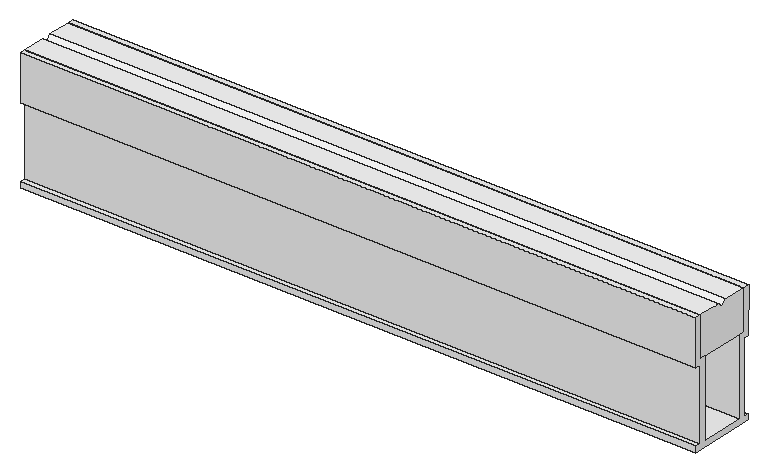
Revit family "4070742+4070745 Feilo Sylvania Lighting Fixture CURSUS 306MM 218LM OVAL LED 4K with FRAMED ROUGH IN HOUSING", category Lighting Fixtures, host Face, Revit 2017
Family settings
  Host = Face
  Round Connector Dimension = Use Diameter
  Part Type = Normal
  OmniClass Number = 23.80.70.14
  OmniClass Title = Luminaries for External Lighting
  Cut with Voids When Loaded = Yes
  Light Source = Yes
  Shared = No
  Room Calculation Point = No
Parameters (values of type "4070742 CURSUS 306MM 218LM OVAL LED 4K")
  Width = 30 mm
  Weight = "0.6 kg"
  Wattage Comments = "n/a"
  Wattage = 4.5 W
  WarrantyStartDate [instance] = "n/a"
  WarrantyGuarantorParts = "n/a"
  WarrantyDurationUnit = "n/a"
  WarrantyDurationParts = "n/a"
  WarrantyDescription = "n/a"
  built-in parameter 1150110 = 1 (stored number, unit not read)
  Voltage = 24 V
  URL = "http://www.sylvania-lighting.com"
  TypeName = "CURSUS 306MM 218LM OVAL LED 4K"
  Type Image = <None>
  Type Comments = "n/a"
  built-in parameter 1114217 = 1 (stored number, unit not read)
  Tilt Angle = -90.00°
  built-in parameter 1150109 = 1 (stored number, unit not read)
  built-in parameter 1150134 = 12
  built-in parameter 1150113 = 1 (stored number, unit not read)
  SerialNumber [instance] = "n/a"
  Material_3_FEILO = none
  PowerFactor = 0
  PowerConsumption = "4.5 W"
  Photometric Web File = "4070742.ies"
  NominalLength = 306 mm
  NominalHeight = 50 mm
  NominalDepth = Width  # 30 mm
  Name = "CURSUS 306MM 218LM OVAL LED 4K"
  ModelReference = Name  # "CURSUS 306MM 218LM OVAL LED 4K"
  ModelNumber = "4070742"
  Model = Name  # "CURSUS 306MM 218LM OVAL LED 4K"
  Material = "natural anodised extruded aluminium structure housing, optical system with pmma lenses diffuser"
  ManufacturerName = "Feilo Sylvania"
  Manufacturer = "Feilo Sylvania"
  LuminousEfficacy = "48.44 lm/W"
  built-in parameter 1150105 = 298.55 (stored number, unit not read)
  Lumens = 218 lm
  LuminaireType = ""
  built-in parameter 1150115 = 1 (stored number, unit not read)
  LightOutputRatio = "100"
  built-in parameter 1150137 = (empty or 0)
  built-in parameter 1150139 = (empty or 0)
  LengthVoidExtrusionRight [instance] = if(EndCapRight, Length / 2, Length / 2 - 2.5 mm)  # 153.5 mm
  LengthVoidExtrusionLeft [instance] = if(EndCapLeft, Length / 2, Length / 2 - 2.5 mm)  # 153.5 mm
  Length = 312 mm
  LampsType = Lamp  # "LED"
  LampNominalLuminous = "218 lm"
  LampMacAdamStep = "n/a"
  LampColourTemperature = "4000 K"
  LampColourRenderingIndex = "80"
  built-in parameter 1150112 = 1 (stored number, unit not read)
  built-in parameter 1150114 = 1 (stored number, unit not read)
  Lamp = "LED"
  Keynote = "16500"
  InstallationDate [instance] = "n/a"
  InputVoltage = "24V DC"
  InputNominalFrequency = "n/a"
  built-in parameter 1150132 = (empty or 0)
  built-in parameter 1150102 = (empty or 0)
  built-in parameter 1150107 = 4000 (stored number, unit not read)
  built-in parameter 1150138 = (empty or 0)
  IngressProtection = "IP67"
  ImpactProtectionIndex = "IK07"
  built-in parameter 1150106 = 2.9855 (stored number, unit not read)
  IfcExportType = "IfcLightFixtureType"
  IfcExportAs = "IfcLightFixtureType"
  ExpectedLife = 50000
  EndCapRight [instance] = no
  EndCapLeft [instance] = no
  Emit from Rectangle Width = Width - 6 mm  # 24 mm
  Emit from Rectangle Length = Length - 6 mm  # 306 mm
  Emit Shape Visible in Rendering = no
  ElectricShockClassification = "Class III"
  built-in parameter 1150104 = 4.5006 (stored number, unit not read)
  DurationUnit = "hours"
  DocumentationLiterature = "http://www.sylvania-lighting.com/product/en-int/products/4070742"
  DimmingControlOptions = "n/a"
  Dimming Lamp Color Temperature Shift = <None>
  Material_2_FEILO = Diffuser-Sylvania-Glow
  Description = "LED Exterior Lighting Recessed Surface Mounted Linear Fixture, Natural anodised extruded aluminium structure. Die-cast aluminium end caps. Installation kit with harmonic steel springs., 218 lm, 4,5W,  48lm/W, 4000K, CRI80+,non dimmable,IP67, IK07, (HxWxD) 306x50x30mm, 3 step Mac Adam Ellipse, 0.6kg,, Classe III, 21-25V-DC, energy class : A++, A+, A"
  Default Elevation = 1219.2 mm
  CreatedOn = "1/8/2018"
  CreatedBy = ""
  Cost = 0
  Color Filter = 16777215
  built-in parameter 1114216 [instance] = (empty or 0)
  ClassificationValue = "EF_70_80"
  ClassificationName = "Uniclass2015"
  Material_1_FEILO = Body-Sylvania-Gray
  BarCode [instance] = "n/a"
  built-in parameter 1114218 = 1 (stored number, unit not read)
  built-in parameter 1150133 = 10 (stored number, unit not read)
  AssetType = "Fixed"
  AssetIdentifier [instance] = "n/a"
  Assembly Code = "D5020200"
  Apparent Load = 4.5 VA
  Material_4_FEILO = Diffuser-Sylvania-Glow
Reference planes
  plane 1 "Center (Front/Back)": y = 0
  plane 2: z = 0
  plane 3 "Center (Left/Right)": x = 0
  plane 4: y = 15
  plane 5: y = -15
  plane 6: x = 156
  plane 7: x = -156
  plane 8: x = -153.5
  plane 9: y = 12.5
  plane 10: y = -12.5
  plane 11: x = 153.5
  plane 12: z = -55
  plane 13: z = -52.5
  plane 14: z = -2
  plane 15: y = -10
  plane 16: z = -18
  plane 17: z = -20.5
  plane 18: y = 10
Forms (mm)
  Extrusion 1, solid, material "Body-Sylvania-Gray" <- "Material_1_FEILO"
    sketch origin (0, 0, -32.5) x (0, 1, 0) y (0, 0, 1)
      loop
        line (15, -22.5) -> (15, -20) -> (12.5, -20) -> (12.5, 12) -> (15, 12) -> (15, 32.5) -> (12.5, 32.5) -> (12.5, 14.5) -> (10, 14.5) -> (10, -20) -> (-10, -20) -> (-10, 14.5) -> (-12.5, 14.5) -> (-12.5, 32.5) -> (-15, 32.5) -> (-15, 12) -> (-12.5, 12) -> (-12.5, -20) -> (-15, -20) -> (-15, -22.5) -> (15, -22.5)
    from -153.5 to 153.5
  Extrusion 2, solid, material "Body-Sylvania-Gray" <- "Material_1_FEILO", visible <- "EndCapRight"
    sketch origin (156, 1524, 1219.2) x (0, 1, 0) y (0, 0, 1)
      loop
        line (-1539, -1274.2) -> (-1509, -1274.2) -> (-1509, -1219.2) -> (-1539, -1219.2) -> (-1539, -1274.2)
    from 0 to -2.5
  Extrusion 3, solid, material "Body-Sylvania-Gray" <- "Material_1_FEILO", visible <- "EndCapLeft"
    sketch origin (-156, 1524, 1219.2) x (0, 1, 0) y (0, 0, 1)
      loop
        line (-1539, -1274.2) -> (-1509, -1274.2) -> (-1509, -1219.2) -> (-1539, -1219.2) -> (-1539, -1274.2)
    from 0 to 2.5
  Extrusion 4, solid, material "Diffuser-Sylvania-Glow" <- "Material_2_FEILO"
    sketch origin (0, 0, 0) x (0, 1, 0) y (0, 0, 1)
      loop
        line (-12.5, 0) -> (-12.5, -18) -> (12.5, -18) -> (12.5, 0) -> (2, 0) -> (0, -2) -> (-2, 0) -> (-12.5, 0)
    from -153.5 to 153.5
  Extrusion 5, void
    sketch origin (0, 0, 0) x (1, 0, 0) y (0, 1, 0)
      loop
        line (-153.5, 15) -> (-153.5, -15) -> (153.5, -15) -> (153.5, 15) -> (-153.5, 15)
    from 0 to -55
Dimensions and locks
  equal spacing: plane 5, plane 1 "Center (Front/Back)", plane 4
  equal spacing: plane 7, plane 3 "Center (Left/Right)", plane 6
  "Length": plane 7 to plane 6
  equal spacing: plane 8, plane 3 "Center (Left/Right)", plane 11
  equal spacing: plane 10, plane 1 "Center (Front/Back)", plane 9
  locked: plane 5 to plane 10 at 2.5
  "Width": plane 5 to plane 4
  locked: plane 2 to plane 12 at 55
  locked: plane 12 to plane 13 at 2.5
  "LengthVoidExtrusionLeft": Extrusion 5 sketch curve to plane 3 "Center (Left/Right)"
  "LengthVoidExtrusionRight": plane 3 "Center (Left/Right)" to Extrusion 5 sketch curve
  plane 2 to plane 14 = 2 mm
  locked: plane 7 to plane 8 at 2.5
  locked: plane 2 to plane 16 at 18
  locked: plane 17 to plane 16 at 2.5
  equal spacing: plane 15, plane 1 "Center (Front/Back)", plane 18
  locked: plane 10 to plane 15 at 2.5
  locked: plane 14 to Extrusion 4 sketch curve (angle 45.00°)
  locked: Extrusion 4 sketch curve to plane 14 (angle 45.00°)
  aligned and locked: plane 2 to host face
  aligned and locked: level to host face
  aligned and locked: plane 4 to Extrusion 1 sketch curve
  aligned and locked: Extrusion 1 sketch curve to plane 5
  aligned and locked: plane 10 to Extrusion 1 sketch curve  (x2)
  aligned and locked: Extrusion 1 sketch curve to plane 9  (x2)
  aligned and locked: plane 8 to Extrusion 3
  aligned and locked: Extrusion 3 to plane 7
  aligned and locked: Extrusion 4 to plane 8
  aligned and locked: plane 11 to Extrusion 4
  aligned and locked: imposter light to plane 1 "Center (Front/Back)"
  aligned and locked: plane 3 "Center (Left/Right)" to imposter light
  aligned and locked: plane 12 to Extrusion 1
  aligned and locked: Extrusion 1 to plane 13
  aligned and locked: level to Extrusion 1  (x2)
  aligned and locked: plane 2 to imposter light
  aligned and locked: plane 11 to Extrusion 1
  aligned and locked: Extrusion 1 to plane 8
  aligned and locked: plane 12 to Extrusion 3 sketch curve
  aligned and locked: plane 5 to Extrusion 3 sketch curve
  aligned and locked: Extrusion 3 sketch curve to plane 4
  aligned and locked: Extrusion 2 sketch curve to plane 4
  aligned and locked: plane 5 to Extrusion 2 sketch curve
  aligned and locked: plane 12 to Extrusion 2 sketch curve
  aligned and locked: plane 9 to Extrusion 4 sketch curve
  aligned and locked: Extrusion 4 sketch curve to plane 10
  aligned and locked: Extrusion 5 sketch curve to plane 4
  aligned and locked: plane 5 to Extrusion 5 sketch curve
  aligned and locked: Extrusion 5 to Extrusion 1
  aligned and locked: level to Extrusion 5
  aligned and locked: plane 14 to Extrusion 4 sketch curve
  aligned and locked: Extrusion 4 sketch curve to plane 16
  aligned and locked: Extrusion 1 sketch curve to Extrusion 1 sketch curve  (x3)
  aligned and locked: Extrusion 1 sketch curve to Extrusion 4
  aligned and locked: plane 15 to Extrusion 1 sketch curve
  aligned and locked: plane 17 to Extrusion 1 sketch curve
  aligned and locked: plane 5 to Extrusion 1 sketch curve
  aligned and locked: Extrusion 1 sketch curve to plane 16
  aligned and locked: plane 18 to Extrusion 1 sketch curve
  aligned and locked: Extrusion 1 sketch curve to plane 17
  aligned and locked: Extrusion 1 sketch curve to Extrusion 2
Automatic sketch dimensions
  host sketch curve to host sketch curve = 2438.4 mm  (x2)
  Extrusion 3 sketch curve to level = 0 mm
  Extrusion 2 sketch curve to level = 0 mm
  Extrusion 4 sketch curve to level = 0 mm  (x2)
  Extrusion 4 sketch curve to plane 1 "Center (Front/Back)" = 0 mm
  plane 12 to Extrusion 1 sketch curve = 0 mm
  plane 13 to Extrusion 1 sketch curve = 0 mm
  Extrusion 1 sketch curve to level = 0 mm  (x2)
Connectors
  electrical at (0, 0, 0), driven by "Apparent Load", driven by "PowerFactor", driven by "Voltage"
    settings: index 1, voltage 24 V, apparent load 4.5 VA, apparent load phase1 0 VA, apparent load phase2 0 VA, apparent load phase3 0 VA, power factor 0, load classification "Lighting", number of poles 1, system type 30, power factor state 1, is connector primary yes, connector utility no, sub classification motor no, connector description ""
